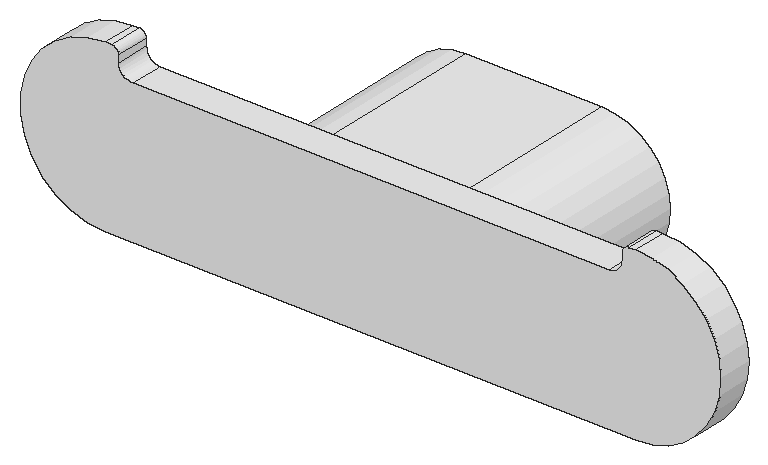
Revit family "rba-bim-rba1631-110", category Plumbing Fixtures, Revit 2016
Family settings
  Part Type = Normal
  Round Connector Dimension = Use Diameter
  Work Plane-Based = No
  Always vertical = Yes
  Cut with Voids When Loaded = No
  Shared = Yes
  Room Calculation Point = No
Parameters (values of type "RBA1631-110")
  Watermarked By = "www.rba.com.au"
  Waste Connection = yes
  Vent Connection = yes
  URL = ""
  Phone Number = "1300 788 778"
  Modified Issue = "20190220.01"
  Model = "RBA1631-110"
  Materials and Finishes = Heavy Duty Brass in a Bright Chrome Finish
  Manufacturer Model = ""
  Manufacturer = "RBA Group"  # constant formula
  HW Connection = yes
  Description = "ōken Double Robe Hook"
  Copyright by = "RBA Group"  # constant formula
  CW Connection = yes
Reference planes
  plane 1 "Center (Front/Back)": y = 0
  plane 2: z = 0
  plane 3 "Center (Left/Right)": x = 0
Forms (mm)
  Extrusion 1, solid, material "Heavy Duty Brass in a Bright Chrome Finish" <- "Materials and Finishes"
    sketch origin (0, 0, 0) x (1, 0, 0) y (0, 0, 1)
      loop
        line (35, 21) -> (-35, 21)
        arc (-35, 21) -> (-36.414, 21.586) -> (-37, 23) r 2
        line (-37, 23) -> (-37, 24)
        arc (-37, 24) -> (-37.293, 24.707) -> (-38, 25) r 1
        line (-38, 25) -> (-39, 25)
        arc (-39, 25) -> (-51.5, 12.5) -> (-39, 0) r 12.5
        line (-39, 0) -> (39, 0)
        arc (39, 0) -> (51.5, 12.5) -> (39, 25) r 12.5
        line (39, 25) -> (38, 25)
        arc (38, 25) -> (37.293, 24.707) -> (37, 24) r 1
        line (37, 24) -> (37, 23)
        arc (37, 23) -> (36.414, 21.586) -> (35, 21) r 2
    from 25 to 30
  Extrusion 2, solid, material "Heavy Duty Brass in a Bright Chrome Finish" <- "Materials and Finishes"
    sketch origin (0, 0, 0) x (1, 0, 0) y (0, 0, 1)
      loop
        arc (-10, 20.5) -> (-20, 10.5) -> (-10, 0.5) r 10
        line (-10, 0.5) -> (10, 0.5)
        arc (10, 0.5) -> (20, 10.5) -> (10, 20.5) r 10
        line (10, 20.5) -> (-10, 20.5)
    from 0 to 25
Dimensions and locks
  aligned and locked: plane 2 to level
